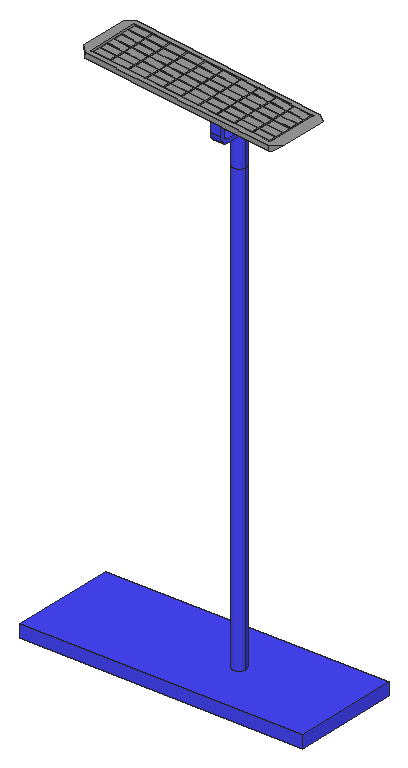
Revit family "BLS-4A", category Lighting Fixtures, host Face, Revit 2026
Family settings
  Host = Face
  Round Connector Dimension = Use Diameter
  Part Type = Normal
  Cut with Voids When Loaded = No
  Light Source = Yes
  Maintain Annotation Orientation = No
  Shared = No
  Room Calculation Point = No
Parameters (values of type "BLS-4A")
  Wattage Comments = "22.6W"
  Wattage = 22.6 W
  built-in parameter 1150110 = 1 (stored number, unit not read)
  Type Image = BLS-4A IMAGE.png
  Type Comments = ""
  built-in parameter 1114217 = 0.9 (stored number, unit not read)
  Tilt Angle = 30.00°
  built-in parameter 1150109 = 1 (stored number, unit not read)
  built-in parameter 1150134 = (empty or 0)
  built-in parameter 1150113 = 1 (stored number, unit not read)
  Photometric Web File = "BLS-4A-5700°K.ies"
  POLE MATERIAL = BRACKET
  POLE HEIGHT = 7.0 ft
  built-in parameter 1150142 = "IESNA:LM-63-2002\r\n[TEST]     \r\n[TESTLAB] BEGHELLI\r\n[TESTDATE] 2020/3/10     \r\n[ISSUEDATE] 2020/3/10 11:57:32    \r\n[NEARFIELD]     \r\n[LAMPPOSITION] 0 0    \r\n[OTHER] BEGHELLI\r\n[MANUFAC] BEGHELLI\r\n[LUMINAIRE] BLS-4A-5700°K\r\n[OTHER] TOTAL LUMINAIRE WATTS REPRESENT LUMINAIRE POWER DELIVERY\r\nTILT=NONE\r\n1 4074.21 0.8 181 13 1 2 0 0 0\r\n1 1 22.6\r\n0 1 2 3 4 5 6 7 8 9 10 11 12 13 14 15 16 17 18 19 20 21 22 23 24 25 26 27 28 29 30 31 32 33 34 35 36 37 38 39 40 41 42 43 44 45 46 47 48 49 50 51 52 53 54 55 56 57 58 59 60 61 62 63 64 65 66 67 68 69 70 71 72 73 74 75 76 77 78 79 80 81 82 83 84 85 86 87 \r\n88 89 90 91 92 93 94 95 96 97 98 99 100 101 102 103 104 105 106 107 108 109 110 111 112 113 114 115 116 117 118 119 120 121 122 123 124 125 126 127 128 129 130 131 132 133 134 135 136 137 138 139 140 141 142 143 144 145 146 147 148 149 150 151 152 153 154\r\n 155 156 157 158 159 160 161 162 163 164 165 166 167 168 169 170 171 172 173 174 175 176 177 178 179 180\r\n0 30 60 90 120 150 180 210 240 270 300 330 360\r\n881.51 895.47 915.40 934.75 954.52 973.26 992.76 1011.60 1032.48 1053.87 1074.81 1096.46 1121.79 1147.15 1171.83 1197.17 1220.75 1244.40 1268.03 1291.48 1317.16 1341.15 1365.65 1391.83 1418.54 1448.65 1476.25 1504.09 1530.65 1551.11 1571.99 1594.26 \r\n1616.18 1634.21 1650.33 1664.90 1676.41 1684.50 1689.83 1694.27 1694.50 1689.09 1681.42 1671.00 1655.97 1633.46 1604.93 1568.51 1525.10 1473.28 1412.74 1351.77 1288.76 1224.21 1163.88 1097.66 1028.33 951.84 873.60 792.79 712.63 639.61 568.17 475.97 383.52\r\n 312.86 276.97 239.32 197.27 157.16 128.12 112.27 102.11 93.67 85.99 78.98 72.78 66.03 59.86 54.02 48.17 44.63 40.49 36.27 32.52 29.02 25.54 22.40 19.36 17.17 15.87 15.09 15.21 15.43 16.09 16.67 17.16 19.71 20.40 17.95 16.75 15.76 15.18 14.75 14.59 14.34 \r\n14.30 14.31 14.55 14.99 15.82 19.38 31.55 28.54 28.66 39.23 52.90 42.82 25.20 20.08 18.66 17.53 16.63 16.09 15.74 15.48 14.92 14.55 14.33 14.11 14.02 14.02 14.07 14.19 14.32 14.44 14.61 14.84 15.12 15.44 15.81 16.17 16.57 17.05 17.58 18.15 18.75 19.37 \r\n19.99 20.53 20.94 21.27 21.53 21.78 22.03 22.31 22.57 22.80 22.94 23.07 23.21 23.40 23.59 23.78 23.95 24.13 24.32 24.53 24.77 25.04 25.29 25.55 25.79 26.04 26.32 26.53 26.80 27.05 27.33 27.67 27.97\r\n881.51 895.68 912.11 927.37 943.81 960.08 977.03 993.30 1009.70 1025.98 1044.49 1064.35 1082.00 1101.54 1122.81 1146.25 1168.72 1193.04 1218.91 1244.04 1274.36 1304.44 1325.53 1350.58 1380.81 1400.30 1415.77 1437.58 1464.98 1491.16 1516.06 1537.47 1557.00\r\n 1579.46 1602.22 1622.93 1642.60 1659.35 1672.85 1682.93 1690.46 1696.93 1700.67 1701.19 1701.53 1699.95 1695.63 1687.71 1673.08 1651.46 1625.01 1591.89 1550.69 1501.10 1443.87 1381.65 1314.19 1248.93 1184.99 1113.11 1041.18 963.24 885.78 805.79 726.75 \r\n650.26 574.50 488.40 402.43 332.62 273.26 231.02 198.77 171.05 147.74 128.35 112.38 100.77 89.18 80.00 71.87 64.63 58.14 52.96 47.79 42.50 37.55 32.29 27.62 23.99 21.32 19.88 19.50 18.80 18.14 18.28 18.96 24.62 23.42 21.67 20.15 18.95 18.40 17.80 17.74 \r\n17.36 17.05 16.31 16.27 16.21 16.12 16.14 16.72 25.46 32.24 31.38 25.63 20.83 19.01 18.22 17.40 16.56 15.93 15.68 15.52 15.33 15.22 15.09 14.97 14.93 14.94 15.02 15.13 15.30 15.54 15.78 16.05 16.35 16.65 17.03 17.39 17.73 18.16 18.67 19.20 19.69 20.15 \r\n20.50 20.77 20.94 21.06 21.16 21.26 21.38 21.52 21.66 21.76 21.84 21.95 22.07 22.17 22.29 22.45 22.60 22.77 22.95 23.15 23.36 23.60 23.86 24.12 24.40 24.70 24.98 25.29 25.55 25.77 25.95 26.18 26.51 27.97\r\n881.51 890.06 898.95 907.33 916.16 924.94 935.19 944.92 955.21 965.88 976.43 987.87 999.15 1011.27 1023.89 1037.16 1051.18 1066.95 1082.46 1098.73 1119.75 1140.84 1162.60 1184.84 1207.80 1229.56 1248.09 1265.87 1283.50 1301.82 1323.20 1343.93 1366.01 \r\n1388.77 1413.43 1435.71 1458.14 1478.73 1499.21 1517.40 1534.89 1552.85 1569.65 1585.77 1600.67 1615.07 1630.98 1645.55 1656.89 1668.03 1675.91 1682.78 1686.58 1685.11 1679.16 1669.28 1654.61 1635.64 1614.76 1592.35 1563.29 1530.19 1495.46 1458.81 1420.64\r\n 1376.87 1322.70 1255.20 1181.28 1096.11 1003.01 908.82 816.92 705.14 584.69 502.80 421.42 375.51 333.76 275.50 210.91 170.22 132.46 102.12 82.92 71.02 63.23 52.21 41.15 30.42 25.47 26.56 24.34 23.55 23.29 23.90 23.82 23.36 21.76 21.17 19.98 19.26 17.68 \r\n17.25 17.04 17.06 17.03 17.01 17.02 17.15 16.97 16.78 16.56 16.47 16.34 16.25 16.22 16.14 16.07 16.05 16.09 16.15 16.27 16.43 16.59 16.75 16.90 17.07 17.26 17.46 17.70 17.93 18.12 18.28 18.40 18.59 18.81 19.07 19.38 19.65 19.82 19.96 20.09 20.20 20.33 \r\n20.47 20.59 20.68 20.76 20.82 20.92 20.99 21.09 21.24 21.40 21.56 21.76 21.88 21.96 22.16 22.36 22.59 22.80 23.01 23.22 23.44 23.65 23.89 24.11 24.34 24.57 24.80 24.99 25.19 25.42 25.54 25.65 25.71 25.86 26.11 27.97\r\n881.51 883.04 881.82 880.29 879.09 878.76 878.76 878.93 879.12 879.62 880.14 881.34 882.72 885.30 888.21 891.13 894.38 898.32 902.95 907.90 912.70 918.19 923.16 928.82 934.81 941.31 948.52 955.72 963.93 971.29 979.01 987.91 997.83 1007.10 1016.68 1025.92 \r\n1034.47 1042.88 1050.74 1058.12 1066.86 1076.09 1086.21 1097.32 1106.40 1116.17 1124.89 1133.63 1142.35 1150.07 1158.45 1165.81 1172.31 1177.93 1181.49 1181.66 1180.97 1177.84 1171.45 1158.91 1140.32 1113.36 1086.34 1054.28 1014.50 964.02 911.36 858.42 \r\n809.01 764.87 722.06 706.46 726.13 766.31 825.62 859.87 788.74 616.95 390.96 206.55 145.81 85.59 84.06 83.82 77.03 66.33 54.57 44.95 37.45 29.94 22.65 19.90 18.84 16.62 16.44 16.99 21.19 24.04 20.32 20.63 19.04 18.54 18.68 18.29 17.20 17.31 17.60 17.92 \r\n18.25 18.59 18.91 19.18 19.47 19.71 19.90 19.98 20.06 20.15 20.23 20.32 20.37 20.38 20.43 20.49 20.56 20.63 20.70 20.78 20.88 20.96 21.07 21.21 21.37 21.55 21.70 21.85 22.02 22.16 22.28 22.40 22.51 22.63 22.75 22.85 22.97 23.11 23.24 23.37 23.52 23.63 \r\n23.73 23.86 23.97 24.10 24.23 24.39 24.53 24.72 24.95 25.23 25.43 25.45 25.58 25.73 25.88 26.00 26.09 26.19 26.27 26.35 26.41 26.48 26.53 26.56 26.61 26.60 26.54 26.48 26.44 26.46 27.97\r\n881.51 872.72 861.76 850.79 838.99 827.71 815.72 804.40 793.10 780.61 769.65 758.18 746.69 735.89 725.10 714.66 704.58 693.97 683.34 671.70 661.08 650.64 640.34 629.90 620.14 610.03 598.56 587.64 576.18 565.36 554.92 543.79 532.82 522.89 513.45 503.60 \r\n493.75 485.03 476.18 467.48 459.10 450.84 442.28 433.14 424.57 417.19 410.23 404.84 400.31 396.29 392.94 391.11 390.19 389.43 388.99 389.14 390.25 392.10 394.19 395.68 397.13 398.81 401.28 403.52 406.06 408.51 409.29 406.98 402.96 395.35 383.73 365.60 \r\n337.38 300.89 259.34 207.72 157.99 105.71 82.24 77.20 76.78 77.18 75.24 68.70 59.32 49.84 40.36 31.95 25.85 23.49 22.63 22.73 22.69 22.29 21.60 22.09 22.27 21.26 20.25 20.01 20.21 19.89 20.18 20.54 20.97 21.46 21.82 22.14 22.49 22.86 23.25 23.63 24.01 \r\n24.38 24.74 25.06 25.33 25.56 25.80 25.99 26.17 26.34 26.50 26.68 26.85 26.99 27.16 27.29 27.41 27.56 27.70 27.83 27.93 28.02 28.11 28.22 28.38 28.60 28.76 28.85 28.86 28.88 29.07 29.36 29.43 29.23 28.87 28.53 28.28 28.11 28.01 27.98 27.98 27.99 28.03 \r\n28.10 28.17 28.29 28.21 28.21 28.25 28.31 28.37 28.39 28.41 28.42 28.40 28.37 28.33 28.27 28.20 28.11 27.99 27.86 27.75 27.52 27.27 26.94 26.73 26.58 27.97\r\n881.51 864.73 846.64 828.09 808.07 787.76 765.93 743.86 721.93 700.30 677.74 654.47 633.72 611.88 589.49 567.69 547.20 526.56 505.34 483.66 462.95 444.21 426.27 408.76 391.59 375.58 360.63 346.63 333.94 322.06 311.33 301.51 291.49 282.38 274.62 267.18 \r\n259.23 251.16 243.61 236.65 230.28 223.95 217.37 211.48 206.92 204.14 201.32 196.14 191.71 187.15 185.00 181.14 182.82 188.22 180.33 179.81 208.13 239.30 225.21 202.94 181.06 163.88 145.50 133.27 124.25 116.56 113.39 110.48 107.74 104.81 102.04 99.28 \r\n95.86 93.73 92.25 91.07 89.63 87.77 87.18 88.04 88.88 87.89 83.19 75.74 66.86 56.47 45.10 34.64 28.99 22.72 23.54 25.39 26.24 26.98 26.19 24.96 23.41 22.64 22.20 21.92 22.20 22.60 22.86 23.31 23.56 23.72 24.04 24.55 24.96 25.24 25.73 26.20 26.58 27.16 \r\n27.77 28.58 29.38 29.60 29.55 29.58 29.77 30.14 30.52 31.04 31.16 31.24 31.29 31.24 31.24 31.26 31.13 31.08 31.08 31.24 31.43 31.46 31.50 31.60 31.76 32.03 32.31 32.57 32.86 33.31 34.11 34.66 35.01 35.11 34.99 34.91 34.42 33.84 33.17 32.65 32.18 31.73 \r\n31.35 31.00 30.71 30.46 30.26 30.12 30.00 29.87 29.72 29.59 29.45 29.33 29.20 29.07 28.92 28.79 28.62 28.43 28.24 27.95 27.64 27.24 26.88 26.64 27.97\r\n881.51 857.59 837.55 815.03 789.46 764.30 740.05 713.59 687.26 661.77 635.67 609.86 584.41 559.68 535.11 510.87 486.24 463.41 440.88 419.14 398.70 379.69 362.31 345.75 329.77 315.48 302.92 291.75 281.41 272.02 263.61 255.52 248.52 241.83 237.56 234.81 \r\n230.89 226.11 221.31 217.49 215.42 215.40 218.58 223.49 231.18 249.78 263.03 301.05 480.16 870.46 602.88 447.98 502.95 405.76 244.39 252.48 320.61 336.38 326.23 326.34 259.34 203.00 174.00 159.09 147.93 138.75 135.33 140.01 132.42 121.72 115.34 112.11 \r\n107.60 103.59 99.59 96.47 88.21 82.09 73.50 48.37 42.98 38.89 36.01 33.23 30.11 27.43 25.42 23.75 22.03 19.99 19.93 19.95 19.93 20.14 20.41 20.86 20.89 21.25 21.12 21.17 21.38 21.51 21.71 21.98 22.34 22.63 22.98 23.51 24.28 25.58 26.74 27.00 27.39 28.18 \r\n29.07 30.40 31.57 31.87 31.93 31.87 31.69 31.58 31.67 32.03 32.45 32.87 32.99 32.78 32.29 31.75 31.29 30.99 30.78 30.63 30.54 30.44 30.39 30.45 30.56 30.71 30.86 31.07 31.45 32.16 33.17 33.40 34.19 35.66 37.28 38.22 38.09 36.89 35.83 34.97 34.17 33.32 \r\n32.69 32.26 31.90 31.57 31.30 31.12 30.99 30.90 30.81 30.70 30.58 30.47 30.38 30.29 30.21 30.13 30.01 29.88 29.71 29.49 29.24 28.94 28.61 28.31 27.97\r\n881.51 863.81 846.71 827.88 807.34 786.16 765.10 746.06 725.85 702.94 680.66 659.25 639.36 619.84 600.30 578.92 557.39 536.32 517.65 498.42 479.18 461.05 442.66 425.45 408.66 392.45 376.42 360.95 346.59 333.94 321.81 309.54 297.62 285.56 275.67 266.99 \r\n259.48 253.19 247.93 243.13 239.00 234.24 230.49 227.58 224.43 219.32 213.87 208.94 204.33 201.66 200.42 197.84 204.36 191.98 186.37 202.66 233.20 230.01 210.76 191.71 177.01 166.17 158.71 149.62 141.38 134.00 129.05 125.14 122.12 118.87 115.07 111.70 \r\n109.96 109.32 109.48 109.72 110.79 113.89 114.01 109.94 101.93 91.26 79.44 67.36 52.96 40.15 32.03 26.73 22.97 23.60 24.37 25.50 26.76 26.29 25.09 23.76 23.33 22.95 22.86 23.20 23.62 23.98 24.35 24.49 24.84 25.13 25.53 25.66 25.90 26.29 26.67 27.12 27.68 \r\n28.38 29.36 30.07 30.25 30.12 30.10 30.18 30.52 31.10 31.49 31.75 31.87 32.00 31.93 31.79 31.91 32.21 32.16 31.73 31.75 31.91 32.22 32.26 32.16 32.02 32.09 32.29 32.59 32.83 33.05 33.57 33.97 34.10 34.34 34.66 34.74 34.11 33.60 33.12 32.66 32.15 31.66 \r\n31.28 30.95 30.69 30.52 30.36 30.27 30.17 30.07 29.98 29.91 29.82 29.71 29.59 29.49 29.39 29.26 29.13 28.98 28.85 28.63 28.37 28.05 27.71 27.38 27.10 27.97\r\n881.51 874.44 866.58 857.98 848.68 840.21 831.17 821.53 812.22 803.65 794.93 785.62 776.54 767.47 758.26 749.12 739.52 729.98 720.21 710.24 700.78 691.12 680.99 670.97 661.06 651.06 641.25 631.58 622.17 612.74 603.76 594.66 585.92 577.14 568.48 559.47 \r\n551.10 542.78 534.58 526.35 517.83 512.24 507.25 503.37 501.50 500.67 500.88 500.96 500.48 500.14 500.12 500.60 501.19 501.23 500.67 500.04 499.03 498.09 496.10 493.83 491.48 488.19 483.18 477.00 468.78 457.75 443.90 426.16 402.93 369.54 328.03 285.29 \r\n242.54 200.08 154.74 107.66 92.20 94.39 102.16 97.98 93.71 81.41 68.43 55.30 43.59 33.49 26.31 23.04 21.80 20.94 20.84 21.66 21.75 21.78 23.16 23.82 21.65 20.72 21.12 20.82 20.73 21.05 21.43 21.82 22.17 22.43 22.68 22.95 23.24 23.53 23.82 24.15 24.46 \r\n24.75 25.04 25.35 25.62 25.87 26.12 26.36 26.54 26.70 26.86 27.03 27.20 27.28 27.38 27.48 27.60 27.71 27.82 27.86 27.85 27.89 27.98 28.12 28.24 28.41 28.53 28.63 28.70 29.05 29.58 29.52 28.96 28.45 28.10 27.85 27.71 27.62 27.61 27.64 27.69 27.75 27.94 \r\n28.07 28.00 27.94 27.92 27.98 28.03 28.09 28.12 28.16 28.16 28.14 28.11 28.03 27.97 27.92 27.85 27.77 27.67 27.59 27.47 27.30 27.14 26.94 26.71 26.51 27.97\r\n881.51 886.45 888.84 892.09 895.51 898.76 902.36 905.95 910.22 914.86 921.17 927.16 933.85 940.35 946.34 954.04 962.57 969.78 977.33 984.85 992.21 1000.43 1008.84 1017.72 1026.47 1035.21 1045.46 1055.88 1066.51 1076.44 1085.86 1095.12 1104.03 1112.94 \r\n1123.02 1134.32 1144.95 1154.36 1163.61 1173.19 1184.30 1193.56 1203.50 1210.54 1218.07 1224.25 1229.06 1232.33 1235.07 1237.13 1237.31 1235.28 1229.83 1222.16 1211.05 1196.02 1176.69 1154.28 1129.98 1102.25 1067.70 1029.48 987.56 944.39 905.32 871.53 \r\n841.00 811.19 804.51 829.24 867.33 918.44 934.77 866.58 708.35 506.64 330.07 153.73 87.44 76.45 74.16 73.90 66.64 60.75 51.89 43.00 37.32 29.97 22.79 21.94 21.02 18.56 18.93 19.27 21.68 23.58 23.23 22.58 21.82 20.21 19.64 19.29 17.63 17.57 17.76 18.00 \r\n18.21 18.45 18.69 18.88 18.99 19.14 19.23 19.27 19.29 19.31 19.36 19.41 19.52 19.69 19.84 19.95 20.09 20.24 20.35 20.48 20.63 20.75 20.88 21.00 21.13 21.27 21.41 21.53 21.63 21.74 21.82 21.92 22.01 22.12 22.25 22.38 22.51 22.65 22.80 22.96 23.13 23.28 \r\n23.43 23.59 23.73 23.88 24.03 24.17 24.32 24.51 24.74 25.03 25.26 25.17 25.19 25.30 25.43 25.54 25.65 25.73 25.83 25.93 26.00 26.08 26.15 26.22 26.26 26.34 26.39 26.41 26.42 26.44 26.40 26.43 27.97\r\n881.51 893.79 905.28 918.13 931.48 943.81 956.16 970.54 983.87 997.58 1012.32 1027.56 1043.32 1058.92 1075.18 1091.83 1110.32 1129.19 1149.39 1169.73 1192.01 1214.97 1237.71 1259.12 1278.63 1296.96 1316.66 1336.03 1357.48 1381.46 1405.54 1429.53 1454.03 \r\n1479.36 1502.96 1523.32 1542.67 1560.27 1575.66 1589.37 1602.89 1615.85 1627.15 1638.09 1646.81 1653.83 1661.53 1667.67 1672.28 1674.65 1674.23 1668.36 1658.59 1647.80 1634.92 1618.43 1598.01 1573.48 1546.40 1517.47 1489.82 1455.02 1417.22 1371.04 1316.12\r\n 1251.44 1177.25 1084.97 997.39 908.86 817.04 712.46 597.83 497.40 429.45 385.91 341.55 281.77 212.82 167.69 130.64 105.97 81.46 69.88 64.56 52.40 42.87 33.99 28.63 28.58 27.82 26.25 25.29 24.55 27.06 25.58 26.78 26.20 22.67 22.95 20.67 19.01 18.57 18.55 \r\n18.53 18.35 18.14 18.14 17.99 17.56 17.08 16.64 16.49 16.57 16.73 16.66 16.64 16.59 16.60 16.64 16.70 16.80 16.96 17.08 17.20 17.36 17.50 17.69 17.92 18.15 18.41 18.59 18.71 18.88 18.99 19.19 19.44 19.73 20.00 20.21 20.43 20.65 20.76 20.91 21.00 21.10 \r\n21.21 21.31 21.35 21.38 21.42 21.40 21.59 21.79 22.34 22.50 22.31 22.33 22.46 22.64 22.81 22.99 23.18 23.36 23.53 23.69 23.88 24.02 24.21 24.40 24.58 24.79 25.02 25.23 25.41 25.57 25.71 25.85 25.97 26.18 27.97\r\n881.51 899.76 917.62 936.79 955.88 974.16 991.67 1009.76 1027.72 1048.56 1069.82 1091.35 1114.74 1138.16 1159.42 1186.10 1213.92 1242.87 1268.42 1294.10 1329.30 1356.78 1368.57 1390.22 1418.94 1442.61 1460.80 1480.95 1504.72 1530.40 1554.22 1574.97 \r\n1594.17 1614.38 1635.09 1655.99 1674.17 1688.23 1698.34 1707.44 1715.65 1721.34 1724.44 1724.82 1722.09 1716.14 1706.41 1692.22 1670.35 1641.47 1604.97 1562.20 1511.77 1450.72 1385.15 1320.75 1260.75 1201.32 1141.22 1069.38 990.14 905.78 819.83 735.20 \r\n656.70 572.15 481.42 390.65 321.97 265.12 225.71 192.02 163.42 142.35 126.10 111.46 99.18 89.47 80.84 73.44 66.51 60.24 56.09 51.21 46.33 40.79 34.96 29.72 26.62 23.78 22.85 22.35 21.47 20.95 21.20 22.58 28.47 25.88 23.90 22.15 21.32 20.46 19.85 19.66 \r\n19.48 19.08 18.35 18.37 18.50 18.39 18.51 20.19 32.29 38.12 36.39 29.76 24.09 21.81 20.78 19.79 18.93 18.46 18.16 17.84 17.70 17.46 17.20 17.01 16.96 16.98 16.96 16.91 17.06 17.33 17.83 17.90 18.13 18.34 18.56 18.74 18.96 19.27 19.61 20.05 20.49 20.93 \r\n21.32 21.62 21.78 21.89 21.95 22.01 22.05 22.14 22.22 22.24 22.25 22.24 22.25 22.29 22.35 22.45 22.54 22.65 22.76 22.90 23.05 23.23 23.45 23.69 23.93 24.18 24.47 24.72 24.97 25.18 25.42 25.59 25.80 26.05 27.97\r\n881.51 895.47 915.40 934.75 954.52 973.26 992.76 1011.60 1032.48 1053.87 1074.81 1096.46 1121.79 1147.15 1171.83 1197.17 1220.75 1244.40 1268.03 1291.48 1317.16 1341.15 1365.65 1391.83 1418.54 1448.65 1476.25 1504.09 1530.65 1551.11 1571.99 1594.26 \r\n1616.18 1634.21 1650.33 1664.90 1676.41 1684.50 1689.83 1694.27 1694.50 1689.09 1681.42 1671.00 1655.97 1633.46 1604.93 1568.51 1525.10 1473.28 1412.74 1351.77 1288.76 1224.21 1163.88 1097.66 1028.33 951.84 873.60 792.79 712.63 639.61 568.17 475.97 383.52\r\n 31
    2.86 276.97 239.32 197.27 157.16 128.12 112.27 102.11 93.67 85.99 78.98 72.78 66.03 59.86 54.02 48.17 44.63 40.49 36.27 32.52 29.02 25.54 22.40 19.36 17.17 15.87 15.09 15.21 15.43 16.09 16.67 17.16 19.71 20.40 17.95 16.75 15.76 15.18 14.75 14.59 14.34 \r\n14.30 14.31 14.55 14.99 15.82 19.38 31.55 28.54 28.66 39.23 52.90 42.82 25.20 20.08 18.66 17.53 16.63 16.09 15.74 15.48 14.92 14.55 14.33 14.11 14.02 14.02 14.07 14.19 14.32 14.44 14.61 14.84 15.12 15.44 15.81 16.17 16.57 17.05 17.58 18.15 18.75 19.37 \r\n19.99 20.53 20.94 21.27 21.53 21.78 22.03 22.31 22.57 22.80 22.94 23.07 23.21 23.40 23.59 23.78 23.95 24.13 24.32 24.53 24.77 25.04 25.29 25.55 25.79 26.04 26.32 26.53 26.80 27.05 27.33 27.67 27.97\r\n"
  Model = "BLS-4A"
  Manufacturer = "BEGHELLI"
  built-in parameter 1150105 = 1377.7 (stored number, unit not read)
  Lumens = 3254.4 lm
  built-in parameter 1150115 = 1 (stored number, unit not read)
  built-in parameter 1150137 = (empty or 0)
  built-in parameter 1150139 = (empty or 0)
  built-in parameter 1150112 = 1 (stored number, unit not read)
  built-in parameter 1150114 = 1 (stored number, unit not read)
  Lamp = "LED"
  Keynote = "LUCE SOLARE"
  built-in parameter 1150132 = (empty or 0)
  built-in parameter 1150102 = (empty or 0)
  built-in parameter 1150107 = 5700 (stored number, unit not read)
  built-in parameter 1150138 = (empty or 0)
  built-in parameter 1150106 = 13.777 (stored number, unit not read)
  Emit from Line Length = 2.0 ft
  built-in parameter 1150104 = 13.378 (stored number, unit not read)
  Dimming Lamp Color Temperature Shift = <None>
  Description = "solution that integrates the solar panel, battery and LED module \r\ninto a single low-profile fixture. BLS-8A utilitizes battery \r\ntechnology that will not drain below 10% capacity to \r\nensure reliable re-charge for maximum performance."
  Default Elevation = 4.0 ft
  Color Filter = 16777215
  built-in parameter 1114218 = 1 (stored number, unit not read)
  built-in parameter 1150133 = 10 (stored number, unit not read)
Reference planes (ft)
  plane 1 "Center (Front/Back)": y = 0
  plane 2: z = 0
  plane 3 "Center (Left/Right)": x = 0
  plane 4: z = 7
  plane 5: z = 7.836389
Forms (ft)
  Extrusion 1, solid, material "BRACKET" <- "POLE MATERIAL"
    sketch origin (0, 0, 0) x (1, 0, 0) y (0, 1, 0)
      loop
        line (-2.75, 0.833333) -> (-2.75, -0.835204) -> (1.645925, -0.835204) -> (1.645925, 0.833333) -> (-2.75, 0.833333)
    from 0 to -0.187286
  Extrusion 2, solid, material "BRACKET" <- "POLE MATERIAL"
    sketch origin (0, 0, 0) x (1, 0, 0) y (0, 1, 0)
      loop
        circle (-0.007749, 0) r 0.003666
      loop
        circle (-0.007686, 0) r 0.098958
      loop
        circle (-0.007686, 0) r 0.092021
    from 0 to 7
Dimensions and locks (ft)
  "POLE HEIGHT": plane 4 to level
  locked: plane 5 to plane 4 at 0.836389
  aligned and locked: plane 2 to Extrusion 1
  aligned and locked: level to Extrusion 1
  aligned and locked: Extrusion 2 to Extrusion 1
  aligned and locked: plane 4 to Extrusion 2
  aligned and locked: imposter light to plane 5
  aligned and locked: nested 1 to plane 4
Automatic sketch dimensions
  Extrusion 1 sketch curve to Extrusion 1 sketch curve = 4.395925 ft
  Extrusion 1 sketch curve to Extrusion 1 sketch curve = 1.668537 ft
  Extrusion 2 sketch curve to Extrusion 2 sketch curve = 0.003666 ft
  Extrusion 2 sketch curve to Extrusion 2 sketch curve = 0.0 ft  (x2)
  plane 1 "Center (Front/Back)" to Extrusion 2 sketch curve = 0.0 ft  (x2)
  Extrusion 2 sketch curve to Extrusion 2 sketch curve = 0.000063 ft
  Extrusion 2 sketch curve to Extrusion 2 sketch curve = 0.006937 ft
  Extrusion 2 sketch curve to plane 3 "Center (Left/Right)" = 0.007749 ft
  Extrusion 2 sketch curve to Extrusion 2 sketch curve = 0.088292 ft
Nested families (ft)
  nested 1: "BLS-4A - LIGHT FIXTURE" at (-0.583294, 0, 7.856776), type "BLS-4A - LIGHT FIXTURE"
Definition of nested family "BLS-4A - LIGHT FIXTURE"
  Parameters (values of type "BLS-4A - LIGHT FIXTURE")
    PANEL = none
    Default Elevation = 0.0 ft
  Reference planes (ft)
    plane 1 "Center (Front/Back)": y = 0
    plane 2: z = 0
    plane 3 "Center (Left/Right)": x = 0
    plane 4: x = 1.570833
    plane 5: y = 0.495833
    plane 6: y = -0.495833
    plane 7: x = -1.570833
  Forms (ft)
    Extrusion 1, solid, material <- "PANEL"
      sketch origin (-0.054262, 0, 0.006754) x (0.994522, 0, -0.104528) y (0, 1, 0)
        loop
          line (-1.379316, 0.496094) -> (-1.516276, 0.388338) -> (-1.516276, -0.357088) -> (-1.377271, -0.496094) -> (1.48569, -0.496094) -> (1.624695, -0.357088) -> (1.624695, 0.388338) -> (1.487735, 0.496094) -> (-1.379316, 0.496094)
      from 0 to 0.071648
    Extrusion 2, void
      sketch origin (0.001873, 0, 0.000437) x (0.994522, 0, -0.104528) y (0, 1, 0)
        loop
          line (-1.420954, 0.424707) -> (-1.420954, -0.41429) -> (1.398009, -0.41429) -> (1.398009, 0.424707) -> (-1.420954, 0.424707)
      from 0.044315 to 0.109247
    Extrusion 3, void
      sketch origin (0.437506, 0, -0.045781) x (0.978148, 0, -0.207912) y (0.207912, 0, 0.978148)
        loop
          line (1.114417, 0.202188) -> (1.020317, 0.108088) -> (1.021773, 0.094237) -> (1.138147, 0.106468) -> (1.127937, 0.203609) -> (1.114417, 0.202188)
      from -0.573324 to 0.621158
    Extrusion 4, void
      sketch origin (-0.437683, 0, 0.046205) x (-1, 0, 0) y (0, 0, -1)
        loop
          line (1.114417, -0.202188) -> (1.127937, -0.203609) -> (1.138147, -0.106468) -> (1.021773, -0.094237) -> (1.020317, -0.108088) -> (1.114417, -0.202188)
      from -0.573324 to 0.621158
  Cuts and joins
    Extrusion 2, Extrusion 3, Extrusion 4 cuts Extrusion 1
  Dimensions and locks (ft)
    plane 5 to plane 1 "Center (Front/Back)" = 0.495833 ft
    plane 7 to plane 4 = 3.141667 ft
    aligned and locked: plane 2 to level
  Nested families (ft)
    nested 1: "BLS-2A - LED" at (-0.463542, 0.005208, 0.064945), type "BLS-2A - LED"
    nested 2: "BLS-4A - SOLAR CELLS" at (0.14375, -0.020833, 0.140625), type "BLS-4A - SOLAR CELLS"
    nested 3: "BLS-4A - SOLAR CELLS" at (0.14375, 0.020833, 0.140625), type "BLS-4A - SOLAR CELLS"
    nested 4: "BLS-2A - DRIVER" at (-1, 0, 0.400391), type "BLS-2A - DRIVER"
    nested 5: "BLS-2A - BRACKET" at (-0.474284, 0, 0.19654), type "BLS-2A - BRACKET"
  Definition of nested family "BLS-2A - LED"
    Parameters (values of type "BLS-2A - LED")
      PANEL = none
      LENS = none
      LED CHIP = none
      Default Elevation = 0.0 ft
    Reference planes (ft)
      plane 1 "Center (Front/Back)": y = 0
      plane 2: z = 0
      plane 3 "Center (Left/Right)": x = 0
    Forms (ft)
      Extrusion 1, solid, material <- "LED CHIP"
        sketch origin (-2.282077, 0, -0.26903) x (-0.994503, 0, 0.104711) y (0, 1, 0)
          loop
            circle (-1.848113, 0.180513) r 0.023851
        from -0.492008 to -0.480513
      Extrusion 2, solid, material <- "LENS"
        sketch origin (-2.26832, 0, -0.284941) x (-0.995114, 0, 0.098733) y (0, 1, 0)
          loop
            line (-1.820887, 0.212324) -> (-1.849533, 0.212324)
            arc (-1.849533, 0.212324) -> (-1.880783, 0.181074) -> (-1.849533, 0.149824) r 0.03125
            line (-1.849533, 0.149824) -> (-1.820887, 0.149824)
            arc (-1.820887, 0.149824) -> (-1.789637, 0.181074) -> (-1.820887, 0.212324) r 0.03125
        from -0.497139 to -0.4864
      Extrusion 3, solid, material <- "LED CHIP"
        sketch origin (-2.282077, -0.104167, -0.26903) x (-0.994503, 0, 0.104711) y (0, 1, 0)
          loop
            circle (-1.848113, 0.180513) r 0.023851
        from -0.492008 to -0.480513
      Extrusion 4, solid, material <- "LENS"
        sketch origin (-2.26832, -0.104167, -0.284941) x (-0.995114, 0, 0.098733) y (0, 1, 0)
          loop
            line (-1.820887, 0.212324) -> (-1.849533, 0.212324)
            arc (-1.849533, 0.212324) -> (-1.880783, 0.181074) -> (-1.849533, 0.149824) r 0.03125
            line (-1.849533, 0.149824) -> (-1.820887, 0.149824)
            arc (-1.820887, 0.149824) -> (-1.789637, 0.181074) -> (-1.820887, 0.212324) r 0.03125
        from -0.497139 to -0.4864
      Extrusion 5, solid, material <- "LED CHIP"
        sketch origin (-2.282077, -0.1875, -0.26903) x (-0.994503, 0, 0.104711) y (0, 1, 0)
          loop
            circle (-1.848113, 0.180513) r 0.023851
        from -0.492008 to -0.480513
      Extrusion 6, solid, material <- "LENS"
        sketch origin (-2.26832, -0.1875, -0.284941) x (-0.995114, 0, 0.098733) y (0, 1, 0)
          loop
            line (-1.820887, 0.212324) -> (-1.849533, 0.212324)
            arc (-1.849533, 0.212324) -> (-1.880783, 0.181074) -> (-1.849533, 0.149824) r 0.03125
            line (-1.849533, 0.149824) -> (-1.820887, 0.149824)
            arc (-1.820887, 0.149824) -> (-1.789637, 0.181074) -> (-1.820887, 0.212324) r 0.03125
        from -0.497139 to -0.4864
      Extrusion 7, solid, material <- "LED CHIP"
        sketch origin (-2.282077, -0.283854, -0.26903) x (-0.994503, 0, 0.104711) y (0, 1, 0)
          loop
            circle (-1.848113, 0.180513) r 0.023851
        from -0.492008 to -0.480513
      Extrusion 8, solid, material <- "LENS"
        sketch origin (-2.26832, -0.283854, -0.284941) x (-0.995114, 0, 0.098733) y (0, 1, 0)
          loop
            line (-1.820887, 0.212324) -> (-1.849533, 0.212324)
            arc (-1.849533, 0.212324) -> (-1.880783, 0.181074) -> (-1.849533, 0.149824) r 0.03125
            line (-1.849533, 0.149824) -> (-1.820887, 0.149824)
            arc (-1.820887, 0.149824) -> (-1.789637, 0.181074) -> (-1.820887, 0.212324) r 0.03125
        from -0.497139 to -0.4864
      Extrusion 9, solid, material <- "LED CHIP"
        sketch origin (-2.282077, -0.375, -0.26903) x (-0.994503, 0, 0.104711) y (0, 1, 0)
          loop
            circle (-1.848113, 0.180513) r 0.023851
        from -0.492008 to -0.480513
      Extrusion 10, solid, material <- "LENS"
        sketch origin (-2.26832, -0.375, -0.284941) x (-0.995114, 0, 0.098733) y (0, 1, 0)
          loop
            line (-1.820887, 0.212324) -> (-1.849533, 0.212324)
            arc (-1.849533, 0.212324) -> (-1.880783, 0.181074) -> (-1.849533, 0.149824) r 0.03125
            line (-1.849533, 0.149824) -> (-1.820887, 0.149824)
            arc (-1.820887, 0.149824) -> (-1.789637, 0.181074) -> (-1.820887, 0.212324) r 0.03125
        from -0.497139 to -0.4864
      Extrusion 11, solid, material <- "LED CHIP"
        sketch origin (-2.137043, 0, -0.284274) x (-0.994503, 0, 0.104711) y (0, 1, 0)
          loop
            circle (-1.848113, 0.180513) r 0.023851
        from -0.492008 to -0.480513
      Extrusion 12, solid, material <- "LENS"
        sketch origin (-2.123285, 0, -0.300185) x (-0.995114, 0, 0.098733) y (0, 1, 0)
          loop
            line (-1.820887, 0.212324) -> (-1.849533, 0.212324)
            arc (-1.849533, 0.212324) -> (-1.880783, 0.181074) -> (-1.849533, 0.149824) r 0.03125
            line (-1.849533, 0.149824) -> (-1.820887, 0.149824)
            arc (-1.820887, 0.149824) -> (-1.789637, 0.181074) -> (-1.820887, 0.212324) r 0.03125
        from -0.497139 to -0.4864
      Extrusion 13, solid, material <- "LED CHIP"
        sketch origin (-2.137043, -0.104167, -0.284274) x (-0.994503, 0, 0.104711) y (0, 1, 0)
          loop
            circle (-1.848113, 0.180513) r 0.023851
        from -0.492008 to -0.480513
      Extrusion 14, solid, material <- "LENS"
        sketch origin (-2.123285, -0.104167, -0.300185) x (-0.995114, 0, 0.098733) y (0, 1, 0)
          loop
            line (-1.820887, 0.212324) -> (-1.849533, 0.212324)
            arc (-1.849533, 0.212324) -> (-1.880783, 0.181074) -> (-1.849533, 0.149824) r 0.03125
            line (-1.849533, 0.149824) -> (-1.820887, 0.149824)
            arc (-1.820887, 0.149824) -> (-1.789637, 0.181074) -> (-1.820887, 0.212324) r 0.03125
        from -0.497139 to -0.4864
      Extrusion 15, solid, material <- "LED CHIP"
        sketch origin (-2.137043, -0.1875, -0.284274) x (-0.994503, 0, 0.104711) y (0, 1, 0)
          loop
            circle (-1.848113, 0.180513) r 0.023851
        from -0.492008 to -0.480513
      Extrusion 16, solid, material <- "LENS"
        sketch origin (-2.123285, -0.1875, -0.300185) x (-0.995114, 0, 0.098733) y (0, 1, 0)
          loop
            line (-1.820887, 0.212324) -> (-1.849533, 0.212324)
            arc (-1.849533, 0.212324) -> (-1.880783, 0.181074) -> (-1.849533, 0.149824) r 0.03125
            line (-1.849533, 0.149824) -> (-1.820887, 0.149824)
            arc (-1.820887, 0.149824) -> (-1.789637, 0.181074) -> (-1.820887, 0.212324) r 0.03125
        from -0.497139 to -0.4864
      Extrusion 17, solid, material <- "LED CHIP"
        sketch origin (-2.137043, -0.283854, -0.284274) x (-0.994503, 0, 0.104711) y (0, 1, 0)
          loop
            circle (-1.848113, 0.180513) r 0.023851
        from -0.492008 to -0.480513
      Extrusion 18, solid, material <- "LENS"
        sketch origin (-2.123285, -0.283854, -0.300185) x (-0.995114, 0, 0.098733) y (0, 1, 0)
          loop
            line (-1.820887, 0.212324) -> (-1.849533, 0.212324)
            arc (-1.849533, 0.212324) -> (-1.880783, 0.181074) -> (-1.849533, 0.149824) r 0.03125
            line (-1.849533, 0.149824) -> (-1.820887, 0.149824)
            arc (-1.820887, 0.149824) -> (-1.789637, 0.181074) -> (-1.820887, 0.212324) r 0.03125
        from -0.497139 to -0.4864
      Extrusion 19, solid, material <- "LED CHIP"
        sketch origin (-2.137043, -0.375, -0.284274) x (-0.994503, 0, 0.104711) y (0, 1, 0)
          loop
            circle (-1.848113, 0.180513) r 0.023851
        from -0.492008 to -0.480513
      Extrusion 20, solid, material <- "LENS"
        sketch origin (-2.123285, -0.375, -0.300185) x (-0.995114, 0, 0.098733) y (0, 1, 0)
          loop
            line (-1.820887, 0.212324) -> (-1.849533, 0.212324)
            arc (-1.849533, 0.212324) -> (-1.880783, 0.181074) -> (-1.849533, 0.149824) r 0.03125
            line (-1.849533, 0.149824) -> (-1.820887, 0.149824)
